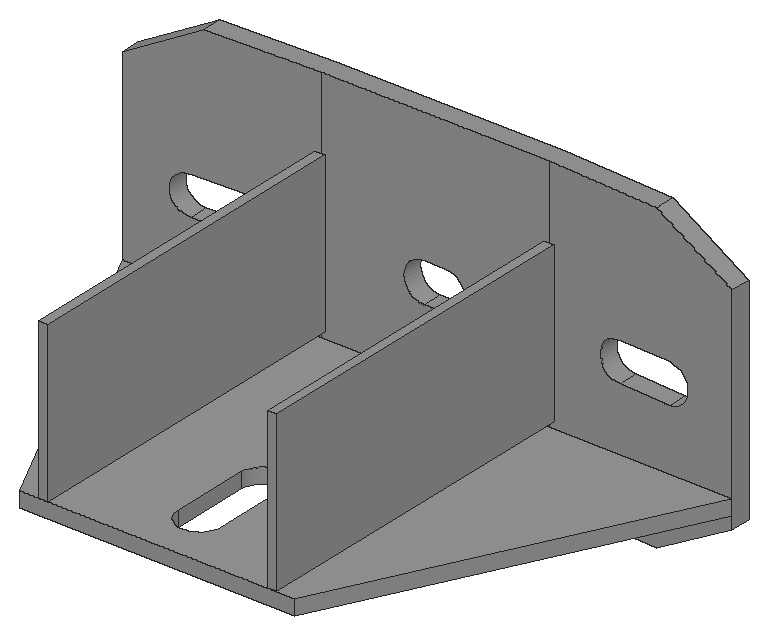
Revit family "Kopfplatte - KU 7 NOX FT 2.pdf", category Generic Models, Revit 2017
Family settings
  Can host rebar = No
  Round Connector Dimension = Use Diameter
  Part Type = Normal
  Work Plane-Based = No
  Always vertical = Yes
  Cut with Voids When Loaded = No
  Shared = No
  Room Calculation Point = No
Parameters (values of type "KU 7 NOX FT")
  URL = "http://www.obo-bettermann.com"
  Material = Hot dip galvanised
  Manufacturer Art.No. = "6349056"
  Manufacturer = "OBO BETTERMANN"
  GTIN = "4012196191352"
  Article Type = "KU 7 NOX FT"
Reference planes
  plane 1 "Center (Front/Back)": y = 0
  plane 2: z = 0
  plane 3 "Center (Left/Right)": x = 0
  plane 4: x = -100
  plane 5: x = 100
  plane 6: x = -37.5
  plane 7: x = 37.5
  plane 8: y = -2.99
  plane 9: y = -2.99
  plane 10: z = 100
  plane 11: z = 85
  plane 12: z = 15
  plane 13: z = 50
  plane 14: z = 49.95
  plane 15: x = 74.145
  plane 16: z = 14.95
  plane 17: x = -74.145
  plane 18: z = 14.95
  plane 19: z = 85
  plane 20: z = 15
  plane 21: z = 50
  plane 22: x = 70
  plane 23: x = -70
  plane 24: x = -70
  plane 25: x = 70
  plane 26: x = -100.007
  plane 27: x = 100
  plane 28: y = -120
  plane 29: x = -45
  plane 30: x = 45
  plane 31: z = 24
  plane 32: z = 19
  plane 33: y = -110
  plane 34: y = -70
  plane 35: y = -60
  plane 36: y = -20
  plane 37: z = 76
  plane 38: x = 36
  plane 39: x = -36
Forms (mm)
  Extrusion 1, solid, material "Hot dip galvanised" <- "Material"
    sketch origin (0, 0, 0) x (1, 0, 0) y (0, 1, 0)
      loop
        line (37.5, 0) -> (-37.5, 0) -> (-100, -2.99) -> (-99.689, -9.483) -> (-37.345, -6.5) -> (37.345, -6.5) -> (99.689, -9.483) -> (100, -2.99) -> (37.5, 0)
    from 0 to 100
  Extrusion 2, void
    sketch origin (0, 0, 0) x (1, 0, 0) y (0, 0, 1)
      loop
        line (100, 85.072) -> (100, 100) -> (74.145, 100) -> (100, 85.072)
    from 1.325 to 9.597
  Extrusion 3, void
    sketch origin (0, 0, 0) x (1, 0, 0) y (0, 0, 1)
      loop
        line (100, 14.928) -> (74.145, 0) -> (100, 0) -> (100, 14.928)
    from 1.325 to 9.597
  Extrusion 4, void
    sketch origin (0, 0, 0) x (-1, 0, 0) y (0, 0, -1)
      loop
        line (100, -14.928) -> (100, 0) -> (74.145, 0) -> (100, -14.928)
    from 1.325 to 9.597
  Extrusion 5, void
    sketch origin (0, 0, 0) x (-1, 0, 0) y (0, 0, -1)
      loop
        line (100, -85.072) -> (74.145, -100) -> (100, -100) -> (100, -85.072)
    from 1.325 to 9.597
  Extrusion 6, void
    sketch origin (0, 0, 0) x (1, 0, 0) y (0, 0, 1)
      loop
        arc (-3.5, 56.45) -> (-10, 49.95) -> (-3.5, 43.45) r 6.5
        line (-3.5, 43.45) -> (3.5, 43.45)
        arc (3.5, 43.45) -> (10, 49.95) -> (3.5, 56.45) r 6.5
        line (3.5, 56.45) -> (-3.5, 56.45)
    from 0 to 6.5
  Extrusion 7, void
    sketch origin (0, 0, 0) x (1, 0, 0) y (0, 0, 1)
      loop
        arc (61.5, 56.45) -> (55, 49.95) -> (61.5, 43.45) r 6.5
        line (61.5, 43.45) -> (78.5, 43.45)
        arc (78.5, 43.45) -> (85, 49.95) -> (78.5, 56.45) r 6.5
        line (78.5, 56.45) -> (61.5, 56.45)
    from 0 to 9.597
  Extrusion 8, void
    sketch origin (0, 0, 0) x (-1, 0, 0) y (0, 0, -1)
      loop
        line (61.5, -56.45) -> (78.5, -56.45)
        arc (78.5, -56.45) -> (85, -49.95) -> (78.5, -43.45) r 6.5
        line (78.5, -43.45) -> (61.5, -43.45)
        arc (61.5, -43.45) -> (55, -49.95) -> (61.5, -56.45) r 6.5
    from 0 to 9.597
  Extrusion 9, solid, material "Hot dip galvanised" <- "Material"
    sketch origin (0, 0, 0) x (1, 0, 0) y (0, 1, 0)
      loop
        line (-45, -120) -> (45, -120) -> (99.689, -9.483)
        arc (99.689, -9.483) -> (0, -6.486) -> (-99.689, -9.483) r 1659.873
        line (-99.689, -9.483) -> (-45, -120)
    from 19 to 24
  Extrusion 10, void
    sketch origin (0, 0, 0) x (1, 0, 0) y (0, 1, 0)
      loop
        arc (-7, -102.91) -> (0, -109.91) -> (7, -102.91) r 7
        line (7, -102.91) -> (7, -77)
        arc (7, -77) -> (0, -70) -> (-7, -77) r 7
        line (-7, -77) -> (-7, -102.91)
      loop
        arc (-7, -53.109) -> (0, -60.109) -> (7, -53.109) r 7
        line (7, -53.109) -> (7, -26.937)
        arc (7, -26.937) -> (0, -19.937) -> (-7, -26.937) r 7
        line (-7, -26.937) -> (-7, -53.109)
    from 19 to 24
  Extrusion 11, solid, material "Hot dip galvanised" <- "Material"
    sketch origin (0, 0, 0) x (1, 0, 0) y (0, 0, 1)
      loop
        line (-36, 76) -> (-39, 76) -> (-39, 24) -> (-36, 24) -> (-36, 76)
      loop
        line (36, 24) -> (39, 24) -> (39, 76) -> (36, 76) -> (36, 24)
    from 6.5 to 120
Cuts and joins
  Extrusion 2, Extrusion 3, Extrusion 4, Extrusion 5, Extrusion 6, Extrusion 7, Extrusion 8 cuts Extrusion 1
  Extrusion 10 cuts Extrusion 9
Dimensions and locks
  locked: plane 1 "Center (Front/Back)" to plane 8 at 2.99
  locked: plane 1 "Center (Front/Back)" to plane 9 at 2.99
  locked: Extrusion 1 sketch curve to Extrusion 1 sketch curve at 199.379
  locked: Extrusion 1 sketch curve to Extrusion 1 sketch curve at 6.5  (x3)
  locked: plane 10 to level at 100
  locked: plane 13 to Extrusion 1 at 50
  locked: plane 11 to plane 13 at 35
  locked: plane 13 to plane 12 at 35
  locked: plane 19 to plane 21 at 35
  locked: plane 21 to plane 20 at 35
  locked: Extrusion 6 sketch curve to Extrusion 6 sketch curve at 13
  locked: plane 14 to Extrusion 6 sketch curve at 6.5
  locked: Extrusion 6 sketch curve to plane 3 "Center (Left/Right)" at 10
  locked: plane 3 "Center (Left/Right)" to Extrusion 6 sketch curve at 10
  locked: plane 22 to plane 3 "Center (Left/Right)" at 70
  locked: plane 3 "Center (Left/Right)" to plane 23 at 70
  locked: Extrusion 7 sketch curve to Extrusion 7 sketch curve at 13
  locked: plane 14 to Extrusion 7 sketch curve at 6.5
  locked: plane 22 to Extrusion 7 sketch curve at 15
  locked: Extrusion 7 sketch curve to plane 22 at 15
  locked: Extrusion 8 sketch curve to Extrusion 8 sketch curve at 13
  locked: plane 24 to Extrusion 8 sketch curve at 15
  locked: Extrusion 8 sketch curve to plane 24 at 15
  locked: plane 3 "Center (Left/Right)" to plane 27 at 100
  locked: plane 26 to plane 3 "Center (Left/Right)" at 100.007
  locked: cut or joined group 1 (Extrusion 1, Extrusion 2, Extrusion 3, Extrusion 4, Extrusion 5, Extrusion 6, Extrusion 7, Extrusion 8) to plane 28 at 120
  locked: Extrusion 9 sketch curve to cut or joined group 1 at 113.5
  locked: Extrusion 9 sketch curve to Extrusion 9 sketch curve at 199.379
  locked: cut or joined group 1 to plane 31 at 76
  locked: Extrusion 9 to cut or joined group 1 at 19
  locked: Extrusion 9 to plane 33 at 10
  locked: Extrusion 10 sketch curve to Extrusion 10 sketch curve at 14
  locked: Extrusion 10 sketch curve to plane 3 "Center (Left/Right)" at 7
  locked: plane 34 to plane 33 at 40
  Extrusion 9 to Extrusion 10 sketch curve = 10.09 mm
  Extrusion 9 to Extrusion 10 sketch curve = 50 mm
  locked: Extrusion 9 to Extrusion 10 sketch curve at 50
  locked: Extrusion 9 to plane 35 at 60
  locked: Extrusion 9 to Extrusion 10 sketch curve at 59.891
  locked: Extrusion 9 to Extrusion 10 sketch curve at 100.063
  locked: plane 37 to cut or joined group of Extrusion 9, Extrusion 10 at 52
  locked: Extrusion 11 sketch curve to Extrusion 11 sketch curve at 72
  locked: Extrusion 11 sketch curve to Extrusion 11 sketch curve at 78
  locked: Extrusion 11 sketch curve to cut or joined group of Extrusion 9, Extrusion 10 at 52  (x2)
  locked: Extrusion 1 sketch curve to plane 1 "Center (Front/Back)" (angle 2.73894°)
  locked: plane 1 "Center (Front/Back)" to Extrusion 1 sketch curve (angle 2.73894°)
  angle Extrusion 2 sketch curve to Extrusion 1 = 30.00°
  aligned and locked: level to plane 2
  aligned and locked: Extrusion 1 sketch curve to plane 1 "Center (Front/Back)"
  aligned and locked: plane 10 to Extrusion 1
  aligned and locked: Extrusion 3 to Extrusion 2  (x2)
  aligned and locked: Extrusion 1 to plane 1 "Center (Front/Back)"
  aligned and locked: Extrusion 1 to Extrusion 6
  aligned and locked: Extrusion 7 to plane 1 "Center (Front/Back)"
  aligned and locked: Extrusion 7 to Extrusion 2
  aligned and locked: plane 31 to Extrusion 9
  aligned and locked: Extrusion 9 to plane 32
  aligned and locked: plane 32 to Extrusion 9
  aligned and locked: Extrusion 9 to plane 31
  aligned and locked: Extrusion 10 sketch curve to Extrusion 10 sketch curve  (x2)
  aligned and locked: Extrusion 9 to Extrusion 10  (x2)
  aligned and locked: Extrusion 11 to plane 31  (x2)
  aligned and locked: Extrusion 11 to cut or joined group 1
  aligned and locked: cut or joined group of Extrusion 9, Extrusion 10 to Extrusion 11
Automatic sketch dimensions
  Extrusion 1 sketch curve to plane 4 = 0 mm
  Extrusion 1 sketch curve to plane 6 = 0 mm
  Extrusion 1 sketch curve to plane 7 = 0 mm
  Extrusion 2 sketch curve to plane 10 = 0 mm
  plane 3 "Center (Left/Right)" to Extrusion 2 sketch curve = 74.145 mm
  Extrusion 2 sketch curve to Extrusion 2 sketch curve = 25.855 mm
  Extrusion 3 sketch curve to level = 0 mm
  Extrusion 3 sketch curve to plane 15 = 0 mm
  Extrusion 3 sketch curve to Extrusion 3 sketch curve = 25.855 mm
  Extrusion 3 sketch curve to plane 16 = 0.023 mm
  Extrusion 4 sketch curve to level = 0 mm
  plane 17 to Extrusion 4 sketch curve = 0 mm
  Extrusion 4 sketch curve to Extrusion 4 sketch curve = 25.855 mm
  plane 18 to Extrusion 4 sketch curve = 0.023 mm
  Extrusion 5 sketch curve to plane 10 = 0 mm
  plane 3 "Center (Left/Right)" to Extrusion 5 sketch curve = 74.145 mm
  Extrusion 5 sketch curve to Extrusion 5 sketch curve = 25.855 mm
  Extrusion 5 sketch curve to plane 19 = 0.072 mm
  Extrusion 8 sketch curve to plane 14 = 0 mm
  Extrusion 9 sketch curve to plane 29 = 0 mm
  Extrusion 9 sketch curve to plane 3 "Center (Left/Right)" = 0 mm
  Extrusion 9 sketch curve to plane 30 = 0 mm
  plane 26 to Extrusion 9 sketch curve = 0.317 mm
  Extrusion 9 sketch curve to plane 28 = 1546.359 mm
  plane 1 "Center (Front/Back)" to Extrusion 9 sketch curve = 9.483 mm
  plane 39 to Extrusion 11 sketch curve = 0 mm
  Extrusion 11 sketch curve to plane 31 = 0 mm
  Extrusion 11 sketch curve to Extrusion 11 sketch curve = 3 mm
  plane 31 to Extrusion 11 sketch curve = 0 mm
